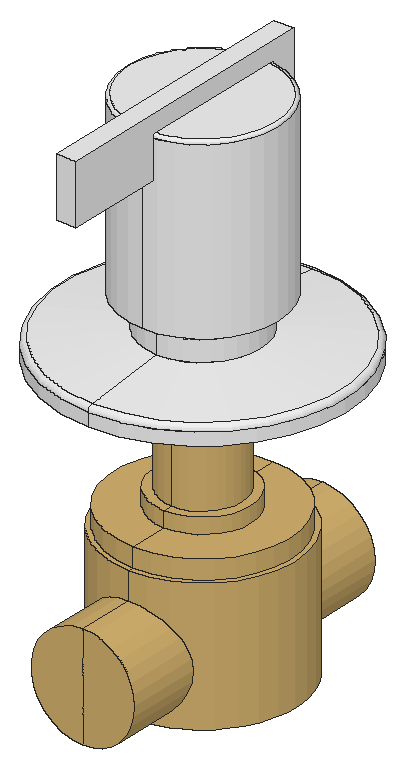
Revit family "Diverter-American_Standard-Berwick-T430_Series", category Plumbing Fixtures, host Face, Revit 2015
Parameters (values of type "T430.430.002")
  Width = 2 3/4"  # constant formula
  URL = "https://www.americanstandard-us.com/"
  Type Comments = ""
  Tempered Water Connection Radius = 1/4"
  Tempered Water Connection Diameter = Tempered Water Connection Radius * 2  # 1/2"
  Product Page URL = "https://www.americanstandard-us.com/bathroom/shower-faucets/berwick-shower-diverter-valve-trim-kit-20107"
  Product Documentation Link = "https://www.americanstandard-us.com/-/media/sites/asus/files/product-specs/bulk/specsheett430700.pdf?la=en"
  Price = "Prices may vary. Please consult Manufacturer Representative for most up-to-date price list."  # constant formula
  Model = "T430.430.002"
  Material = "Metal-American Standard-002-Chrome"
  Manufacturer = "American Standard"
  Length = 3 7/8"  # constant formula
  Installation Type = "Wall Mounted"  # constant formula
  Hot Water Connection Radius = Hot Water Connection Diameter / 2  # 1/4"
  Hot Water Connection Diameter = 1/2"
  Height = 3"  # constant formula
  HW Connection = yes
  Finish = Metal-American Standard-002-Chrome
  Description = "Berwick Diverter Valve Trim Kit"  # constant formula
  Default Elevation = 48"  # constant formula
  Creation Date = "01/13/2020"  # constant formula
  Cold Water Connection Radius = Cold Water Connection Diameter / 2  # 1/4"
  Cold Water Connection Diameter = 1/2"
  CW Connection = yes
  Assembly Code = "D2020300"
Types (3): name | Model | Material | Finish
  (no name) | "T430.430.002" | "Metal-American Standard-002-Chrome" | Metal-American Standard-002-Chrome
  T430.430.002 | "T430.430.002" | "Metal-American Standard-002-Chrome" | Metal-American Standard-002-Chrome
  T430.430.295 | "T430.430.295" | "Brass-American Standard-295-Brushed Nickel" | Brass-American Standard-295-Brushed Nickel
Reference planes (in)
  plane 1 "Center (Front/Back)": y = 0
  plane 2: z = -1.95369
  plane 3 "Center (Left/Right)": x = 0
  plane 4 "Inside Wall Reference": z = -2.21297
  plane 5: x = -0.22718
  plane 6: x = 0.22718
  plane 7: y = -0.22718
  plane 8: y = 0.22718
  plane 9: x = -1.15625
  plane 10: x = 1.15625
  plane 11: z = 0.17334
  plane 12: x = 0.32813
  plane 13: x = -0.32812
Forms (in)
  Extrusion 1, solid, detail levels coarse
    sketch origin (0, 0, 0) x (1, 0, 0) y (0, 1, 0)
      loop
        line (-0.22718, 0.22718) -> (-0.22718, -0.22718) -> (0.22718, -0.22718) -> (0.22718, 0.22718) -> (-0.22718, 0.22718)
    from -1.95369 to -2.21297
  Revolve 2, solid, material "Brass-American Standard-Cast"
    sketch origin (0, 0.33413, 0) x (0, 1, 0) y (0, 0, 1)
      loop
        line (1.10337, -2.21297) -> (-1.77163, -2.21297) -> (-1.77163, -2.71297) -> (1.10337, -2.71297) -> (1.10337, -2.21297)
      axis (-1.77163, -2.21297) -> (1.10337, -2.21297)
    angle from 0 to 360
  Revolve 3, solid, material "Brass-American Standard-Cast"
    sketch origin (0, 0.33413, 0) x (0, 1, 0) y (0, 0, 1)
      loop
        line (-0.33413, -1.71297) -> (-0.33413, -2.71297) -> (0.55649, -2.71297) -> (0.55649, -1.45186) -> (0.50543, -1.45186) -> (0.50543, -1.27126) -> (0.12892, -1.27126) -> (0.12892, -1.12227) -> (0.03894, -1.12227) -> (0.03894, -0.41228) -> (0.10412, -0.41228) -> (0.10412, 0) -> (-0.33413, 0) -> (-0.33413, -1.71297)
      axis (-0.33413, -2.71297) -> (-0.33413, 0)
    angle from 0 to 360
  Revolve 4, solid, material "Metal-American Standard-002-Chrome" <- "Finish"
    sketch origin (0, 0, 0) x (0, 1, 0) y (0, 0, 1)
      loop
        line (0, 0) -> (1.375, 0) -> (1.375, 0.12356)
        arc (1.375, 0.12356) -> (1.3608, 0.16056) -> (1.32549, 0.17855) r 0.05529
        line (1.32549, 0.17855) -> (0.55213, 0.25983) -> (0.55213, 0.45726)
        arc (0.55213, 0.45726) -> (0.54049, 0.48534) -> (0.51241, 0.49697) r 0.03971
        line (0.51241, 0.49697) -> (0.47811, 0.49697) -> (0.47811, 0.56369) -> (0.72811, 0.56369) -> (0.72811, 2.2342)
        arc (0.72811, 2.2342) -> (0.71949, 2.25501) -> (0.69868, 2.26363) r 0.02943
        line (0.69868, 2.26363) -> (0, 2.26363) -> (0, 0)
      axis (0, 2.26363) -> (0, 0)
    angle from 0 to 360
  Extrusion 5, solid, material "Metal-American Standard-002-Chrome" <- "Finish"
    sketch origin (0, 0, 0) x (0, 1, 0) y (0, 0, 1)
      loop
        line (0.97439, 2.43569) -> (-1.6422, 2.43569) -> (-1.6422, 1.86527) -> (0.97439, 1.86527) -> (0.97439, 2.43569)
    from -0.0938 to 0.0938
Cuts and joins
  joined: Revolve 2, Revolve 3
  joined: Revolve 4, Extrusion 5
Dimensions and locks (in)
  equal spacing: plane 9, plane 3 "Center (Left/Right)", plane 10
  locked: plane 9 to plane 10 at 2.3125
  equal spacing: plane 13, plane 3 "Center (Left/Right)", plane 12
  locked: plane 12 to plane 13 at 0.65625
  equal spacing: Extrusion 5, plane 3 "Center (Left/Right)", Extrusion 5
  aligned and locked: plane 2 to Extrusion 1
  aligned and locked: Extrusion 1 to plane 4 "Inside Wall Reference"
Automatic sketch dimensions
  Extrusion 1 sketch curve to Extrusion 1 sketch curve = 0.45436"  (x2)
  Revolve 2 sketch curve to plane 4 "Inside Wall Reference" = 0"  (x2)
  Revolve 2 sketch curve to Revolve 2 sketch curve = 1/2"
  Revolve 2 sketch curve to Revolve 2 sketch curve = 0"
  Revolve 2 sketch curve to Revolve 2 sketch curve = 0.42071"
  Revolve 3 sketch curve to plane 1 "Center (Front/Back)" = 0"  (x2)
  Revolve 3 sketch curve to level = 0"
  Revolve 3 sketch curve to plane 8 = 0.14589"
  Revolve 3 sketch curve to plane 8 = 0.21107"
  Revolve 3 sketch curve to Revolve 3 sketch curve = 0.08997"
  Revolve 3 sketch curve to Revolve 3 sketch curve = 0.05107"
  Revolve 3 sketch curve to level = 0.41228"
  Revolve 3 sketch curve to Revolve 3 sketch curve = 0.70999"
  Revolve 3 sketch curve to Revolve 3 sketch curve = 0.14899"
  Revolve 3 sketch curve to Revolve 3 sketch curve = 0.1806"
  plane 2 to Revolve 3 sketch curve = 0.24072"
  Revolve 3 sketch curve to plane 4 "Inside Wall Reference" = 1/2"
  Revolve 3 sketch curve to Revolve 3 sketch curve = 0.04272"
  Revolve 3 sketch curve to Revolve 3 sketch curve = 0.15793"
  Revolve 2 sketch curve to plane 7 = 1.21032"
  Revolve 2 sketch curve to plane 8 = 1.21032"
  Revolve 3 sketch curve to Revolve 3 sketch curve = 0.37651"
  Revolve 4 sketch curve to level = 0"
  Revolve 4 sketch curve to plane 1 "Center (Front/Back)" = 0"  (x2)
  Revolve 4 sketch curve to plane 8 = 0.25093"
  Revolve 4 sketch curve to Revolve 4 sketch curve = 0.0343"
  plane 11 to Revolve 4 sketch curve = 0.08649"
  Revolve 4 sketch curve to Revolve 4 sketch curve = 0.03971"
  Revolve 4 sketch curve to plane 8 = 0.4715"
  Revolve 4 sketch curve to Revolve 4 sketch curve = 0.17598"
  Revolve 4 sketch curve to plane 11 = 0.04978"
  Revolve 4 sketch curve to Revolve 4 sketch curve = 0.59161"
  plane 11 to Revolve 4 sketch curve = 0.0052"
  Revolve 4 sketch curve to Revolve 4 sketch curve = 0.00578"
  Revolve 4 sketch curve to Revolve 4 sketch curve = 0.19743"
  Revolve 4 sketch curve to Revolve 4 sketch curve = 0.06672"
  Revolve 4 sketch curve to Revolve 4 sketch curve = 1.67051"
  Revolve 4 sketch curve to Revolve 4 sketch curve = 2.44831"
  Revolve 4 sketch curve to Revolve 4 sketch curve = 1/2"
  Extrusion 5 sketch curve to plane 7 = 1.41502"
  Extrusion 5 sketch curve to plane 8 = 0.74721"
  plane 11 to Extrusion 5 sketch curve = 1.69193"
  Extrusion 5 sketch curve to Extrusion 5 sketch curve = 0.57042"
Connectors (in)
  piping at (0, -1.4375, -2.21297), diameter 0.5, driven by "Tempered Water Connection Radius"
    settings: on Revolve 2, index 5, connector inside diameter 1/2", connector length 0", flow factor 0, pipe flow 0 GPM, pressure drop 0.00 psi, fitting loss kfactor 0, connector angle 0.00°, fixture units 0, engagement length 0", angle of deflection 0.00°, flow configuration 0, flow direction 2, fitting loss method 0, system type 29, joint type 0, gender type 0, connector reference index -1, connector utility 0, adjustable connector no, is connector primary yes, connector description "1/2\" NPT Tub Port Outlet"
  piping at (0, 1.4375, -2.21297), diameter 0.5, driven by "Tempered Water Connection Radius"
    settings: on cut or joined group of Revolve 2, Revolve 3, index 6, connector inside diameter 24", connector length 0", flow factor 0, pipe flow 0 GPM, pressure drop 0.00 psi, fitting loss kfactor 0, connector angle 0.00°, fixture units 0, engagement length 0", angle of deflection 0.00°, flow configuration 0, flow direction 2, fitting loss method 0, system type 29, joint type 0, gender type 0, connector reference index -1, connector utility 0, adjustable connector no, is connector primary no, connector description "1/2\" NPT Port Outlet"
